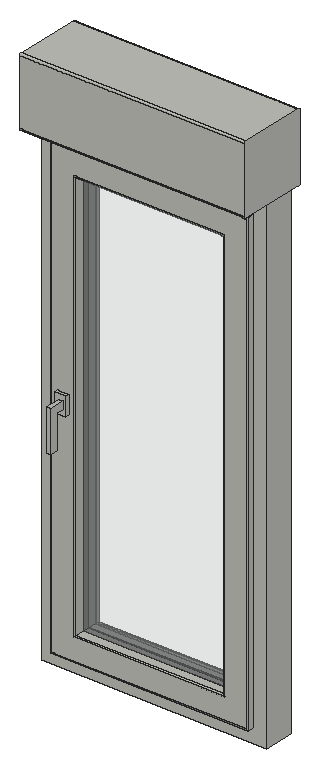
Revit family "2021_ES_Ventana_Replus_RE80-PVC-i30-10100_Cajon-Persiana", category Windows, host Wall, Revit 2021
Family settings
  Host = Wall
  OmniClass Number = 23.30.20.00
  OmniClass Title = Windows
  Always vertical = Yes
  Cut with Voids When Loaded = No
  Shared = No
  Room Calculation Point = No
Parameters (values of type "10100")
  Ι_Wll Thcknss [instance] = 200.000 mm
  Ι_Wdth Cntrl = if(Width < 429.000 mm, 429.000 mm, if(Width > 1514.000 mm, 1514.000 mm, Width))  # 600.000 mm
  Ι_Nst Cntrl [instance] = if(Retranqueo > Ι_Wll Thcknss - 80.000 mm, Ι_Wll Thcknss - 80.000 mm, if(Retranqueo = Ι_Wll Thcknss - 80.000 mm, Ι_Wll Thcknss - 80.000 mm, Retranqueo))  # 0.000 mm
  Ι_Hndl Hght Cntrl = if(Altura de Manilla < 200.000 mm, 200.000 mm, if(Altura de Manilla > Ι_Hght Cntrl - 200.000 mm, Ι_Hght Cntrl - 200.000 mm, Altura de Manilla))  # 650.000 mm
  Ι_Hght Cntrl = if(Height < 429.000 mm, 429.000 mm, if(Height > 2658.000 mm, 2658.000 mm, Height))  # 1300.000 mm
  Zona = ""
  Visibilidad Líneas Apertura - Planta = yes
  Visibilidad Líneas Apertura - Alzado = yes
  Vida Util Esperada = ""
  Version Estandar GDO-BIM = "GDO-BIM V02"  # constant formula
  Version = "RVT2021"  # constant formula
  Verano de transmitancia termica = 0
  Unidad Medicion = ""
  Unidad = ""
  Uniclass2015 Titulo = ""
  Uniclass2015 Codigo = ""
  URL de Declaracion de Prestaciones = ""
  URL Producto = "https://replus.es/bim/"
  URL Perfil BIM = "https://bimetica.com/es/objeto-bim-replus-ventana-re80-pvc-i30-1-hoja-oscilobatiente-cajon-persiana-11100.html"
  URL = "https://replus.es/"
  UNSPSC Titulo = "Windows"  # constant formula
  UNSPSC Codigo = "30171600"  # constant formula
  Transmitancia termica invierno = 0
  Transmitancia solar = 0
  Transmitancia de ganancia de calor solar = 0
  Transmision de luz visible = 0
  Titular = "Regicarp, S.L."  # constant formula
  Tipo Embalaje Proteccion = ""
  Tiene antepecho interno = no
  Tiene antepecho externo = no
  Tiempo Util De Vida = ""
  Tiempo Medio Entre Fallos = ""
  Telefono Contacto = "+34 966544310"  # constant formula
  Soporte tecnico BIM = "https://bimsupport.info/es/fabricantes/regicarp-replus-bim/"
  Sistema = ""
  Serie = ""
  Rough Width = Ι_Wdth Cntrl + 2 * Hueco  # 620.000 mm
  Rough Height = Ι_Hght Cntrl + 2 * Hueco  # 1320.000 mm
  Retranqueo [instance] = 0.000 mm
  Responsable Seguridad = ""
  Responsable Prescripcion = ""
  Responsable Compra = ""
  Residuos Peligrosos por Unidad = 0
  Residuos No Peligrosos por Unidad = 0
  Residuo Radioactivo por Unidad = 0
  Residuo Inerte por Unidad = 0
  Reflectancia solar = 0
  Reflectancia de luz visible = 0
  Referencia Unidad Funcional = ""
  Referencia Lote = ""
  Referencia Contacto Soporte Tecnico = ""
  Referencia Contacto Comercial Venta = ""
  Referencia = "RE 80/PVC/i30"
  Punto de Contacto = ""
  Proteccion con Malla = no
  Product Material = PVC - Replus - 9152 - White
  Plataforma descaga contenido BIM = "www.bimetica.com"
  Periodo Garantia = ""
  Partida URL = ""
  Pais de Venta = ""
  Omniclass Titulo = "Plastic Windows"  # constant formula
  Omniclass Codigo = "23-17 13 17"  # constant formula
  Numero de Licencia = "XXXXXXXX8182 / No-aportada por bimboject AB (anterior)"  # constant formula
  Numero de Declaracion de Prestaciones = ""
  Numero Serie = ""
  Numero Articulo Global Comercial = ""
  Numero Articulo = ""
  Nivel de Riesgo = ""
  Model = "10100 BOX"
  Material secondary = "Glass"
  Material main = "PVC"
  Material Envoltura = ""
  Material Contenedor = ""
  Material = PVC - Replus - 9152 - White
  Masterformat Titulo = "Plastic Windows"  # constant formula
  Masterformat Codigo = "08 53 00"  # constant formula
  Marcado CE = yes
  Manufacturer = "Replus"
  Mantenimiento = ""
  Lugar Ensamblaje = ""
  Keynote = "08500"
  Instrucciones Especiales = ""
  Informacion Tecnica = ""
  IfcExportType = "Oscilobatiente"
  IfcExportAs = "IfcWindow"  # constant formula
  Identificador Garantia = ""
  I_Lf_Cntrl = Ι_Wdth Cntrl - 2.000 mm * 36.8  # 526.400 mm
  Hueco = 10.000 mm
  Historial = "(RVT2021) Actualización GDO-BIM (RVT2015) Creacion de Elemento"  # constant formula
  Height = 1300.000 mm
  Gubimclass Titulo = "Ventanas de fachadas"  # constant formula
  Gubimclass Codigo = "30.10.20.10"  # constant formula
  Gas de Relleno = ""
  Garantia Extendida = no
  Fuente Datos LCA = ""
  Formacion Fotoquimica Ozono por Unidad = 0
  Fecha Vencimiento Elemento BIM = ""
  Fecha Suministro = ""
  Fecha Inicio Garantia = ""
  Fecha Fin Garantia = ""
  Fecha Evaluacion = ""
  Fecha Emision Elemento BIM = ""
  Fecha Compra = ""
  Fecha Colocacion = ""
  Fase Ciclo Vida = ""
  Falta de Recursos por Unidad = 0
  Exclusiones = ""
  Exceso Dimensiones = or(and(Height < 429.000 mm, Advertencia Dimensión), and(Width < 429.000 mm, Advertencia Dimensión), and(Width > 1514.000 mm, Advertencia Dimensión), and(Height > 2658.000 mm, Advertencia Dimensión))  # no
  Eutrofizacion por Unidad = 0
  Etiqueta Modelo = ""
  Estandar seguridad = ""
  Espesor de vidrio 3 = 0.000 mm
  Espesor de vidrio 2 = 0.000 mm
  Espesor de vidrio 1 = 0.000 mm
  Espacio libre acceso = 0.000 mm
  Espacio = ""
  Es templado = no
  Es recubierto = no
  Es laminado = no
  Es Exterior = yes
  Es Accesible = no
  Energia consumida = 0
  Energia Renovable Consumida por Unidad = 0
  Energia Primaria Total Consumida por Unidad = 0
  Energia No Renovable Consumida por Unidad = 0
  Email Contacto = "info@replus.es"  # constant formula
  Edition number = 1
  Destruccion Capa Ozono Estratosferica por Unidad = 0
  Description = "Perfiles de hoja oculta en PVC, mejorando sustancialmente el campo visual, con triple junta (mediante junta rigida en el marco) protegiendo de esta manera todos los puntos de cierre, aumentando la seguridad y proporcionando una junta perimetral completa, con perfilería de clasificación máxima S-II-A"
  Descripcion Evaluacion = ""
  Dependiente De = ""
  Default Sill Height = 800.000 mm
  Wall Closure = By host
  Width = 600.000 mm
  Declaracion Ambiental de Producto URL = ""
  Creditos LEED = ""
  Creditos BREEAM = ""
  Coste Mantenimiento = 0
  Contenido Garantia = ""
  Contacto = ""
  Condiciones de Venta = ""
  Condiciones Evaluacion = ""
  Color de vidrio = ""
  Coeficiente de sombreado = 0
  Codigo Barras = ""
  Codigo = ""
  Clasificacion de carga de viento = ""
  Capas de vidrio = 0
  Cambio Climatico por Unidad = 0
  COBie Categoria = "IfcWindow"
  Base Precio Producto 03 = ""
  Base Precio Producto 02 = ""
  Base Precio Producto 01 = ""
  Autor = "Bimetica Parametric Design Services S.L. (actual) / bimobject AB (anterior)"  # constant formula
  Assembly Code = "B2020100"
  Ano Produccion = ""
  Analytic Construction = "<None>"
  Altura minima requerida = 0.000 mm
  Altura de Manilla = 650.000 mm
  Agua Consumida por Unidad = 0
  Advertencia Dimensión = yes
  Acidificacion Atmosferica por Unidad = 0
  Acabado = ""
  Absorcion solar = 0
Reference planes
  plane 1 "Center (Front/Back)": y = 0
  plane 2 "Center (Left/Right)": x = 0
  plane 3 "Left": x = -310
  plane 4 "Right": x = 310
  plane 5 "Sill": z = 800
  plane 6 "Head": z = 2305
  plane 7 "Exterior": y = 100
  plane 8 "Interior": y = -100
  plane 9: x = -300
  plane 10: x = 300
  plane 11 "Inset": y = -20
  plane 12: z = 2110
  plane 13: z = 810
  plane 14: x = -263.2
  plane 15: x = 263.2
  plane 16: z = 2073.2
  plane 17: z = 846.8
  plane 18: z = 1994.002
  plane 19: z = 910.8
  plane 20: x = 197.2
  plane 21: z = 1460
  plane 22: x = 228.2
  plane 23: x = -228.2
  plane 24: x = 0
  plane 25: y = -55
  plane 26: y = -104.304
  plane 27: y = 500
  plane 28: y = -100
  plane 29: x = -199.2
  plane 30: x = 184.002
  plane 31: y = -38.5
  plane 32: y = -118.5
  plane 33 "g3": z = 900.8
  plane 34: y = -78.5
  plane 35: x = -208.128
  plane 36: y = -106.5
  plane 37: z = 894.8
  plane 38: z = 2025.2
  plane 39: y = -42.5
  plane 40: x = 199.2
  plane 41: y = -46.5
  plane 42: y = -64.5
  plane 43: y = -68.5
  plane 44: y = -86.5
  plane 45: y = -90.5
  plane 46: x = -215.2
  plane 47: x = 215.2
  plane 48: x = 220.2
  plane 49: x = -220.2
  plane 50: z = 2009.2
  plane 51: z = 2030.2
  plane 52: z = 889.8
  plane 53: y = 10
  plane 54: z = 2295
Forms (mm)
  Sweep 1, solid, material "PVC - Replus - 9152 - White" <- "Product Material", detail levels fine
    path origin (0, -20, 0) x (-1, 0, 0) y (0, 0, 1)
      loop
        line (300, 2110) -> (-300, 2110) -> (-300, 810) -> (300, 810) -> (300, 2110)
    profile origin (-300, -20, 1460) x (1, 0, 0) y (0, 1, 0)
      loop
        line (0, -80) -> (43.8, -80)
        arc (43.8, -80) -> (44.507, -79.707) -> (44.8, -79) r 1
        line (44.8, -79) -> (44.8, -38) -> (63.811, -38) -> (63.811, -18.5) -> (75.767, -18.5)
        arc (75.767, -18.5) -> (76.56, -18.109) -> (76.733, -17.241) r 1
        line (76.733, -17.241) -> (72.709, -2.224)
        arc (72.709, -2.224) -> (71.637, -0.62) -> (69.811, 0) r 3
        line (69.811, 0) -> (0, 0) -> (0, -80)
  Sweep 2, solid, material "PVC - Replus - 9152 - White" <- "Product Material", detail levels medium
    path origin (0, -20, 0) x (-1, 0, 0) y (0, 0, 1)
      loop
        line (300, 2110) -> (-300, 2110) -> (-300, 810) -> (300, 810) -> (300, 2110)
    profile origin (-300, -20, 1460) x (1, 0, 0) y (0, 1, 0)
      loop
        line (0, -80) -> (56.8, -80) -> (56.8, -42) -> (69.8, -42) -> (69.8, -18.5) -> (76.662, -18.5) -> (76.662, 0) -> (0, 0) -> (0, -80)
  Sweep 3, solid, material "PVC - Replus - 9152 - White" <- "Product Material", detail levels coarse
    path origin (0, -20, 0) x (-1, 0, 0) y (0, 0, 1)
      loop
        line (300, 2110) -> (-300, 2110) -> (-300, 810) -> (300, 810) -> (300, 2110)
    profile origin (-300, -20, 1460) x (1, 0, 0) y (0, 1, 0)
      loop
        line (0, -80) -> (56.8, -80) -> (56.8, -18.5) -> (76.662, -18.5) -> (76.662, 0) -> (0, 0) -> (0, -80)
  Sweep 4, solid, material "PVC - Replus - 9152 - White" <- "Product Material", detail levels fine
    path origin (0, -20, 0) x (-1, 0, 0) y (0, 0, 1)
      loop
        line (263.2, 2073.2) -> (-263.2, 2073.2) -> (-263.2, 846.8) -> (263.2, 846.8) -> (263.2, 2073.2)
    profile origin (-263.2, -20, 1460) x (1, 0, 0) y (0, 1, 0)
      loop
        line (33, -32.5) -> (33, -42) -> (27.5, -42) -> (20, -42) -> (20, -80) -> (7.5, -80) -> (0, -80) -> (0, -95.5)
        arc (0, -95.5) -> (0.879, -97.621) -> (3, -98.5) r 3
        line (3, -98.5) -> (61, -98.5)
        arc (61, -98.5) -> (63.121, -97.621) -> (64, -95.5) r 3
        line (64, -95.5) -> (64, -70.5) -> (43, -70.5) -> (43, -22.5) -> (40.495, -22.5) -> (33, -22.5) -> (33, -32.5)
  Sweep 5, solid, material "PVC - Replus - 9152 - White" <- "Product Material", detail levels medium
    path origin (0, -20, 0) x (-1, 0, 0) y (0, 0, 1)
      loop
        line (263.2, 2073.2) -> (-263.2, 2073.2) -> (-263.2, 846.8) -> (263.2, 846.8) -> (263.2, 2073.2)
    profile origin (-263.2, -20, 1460) x (1, 0, 0) y (0, 1, 0)
      loop
        line (20, -42) -> (20, -80) -> (0, -80) -> (0, -98.5) -> (64, -98.5) -> (64, -70.5) -> (43, -70.5) -> (43, -22.5) -> (33, -22.5) -> (33, -42) -> (20, -42)
  Sweep 6, solid, material "PVC - Replus - 9152 - White" <- "Product Material", detail levels coarse
    path origin (0, -20, 0) x (-1, 0, 0) y (0, 0, 1)
      loop
        line (263.2, 2073.2) -> (-263.2, 2073.2) -> (-263.2, 846.8) -> (263.2, 846.8) -> (263.2, 2073.2)
    profile origin (-263.2, -20, 1460) x (1, 0, 0) y (0, 1, 0)
      loop
        line (20, -75.1) -> (20, -80) -> (7.5, -80) -> (0, -80) -> (0, -98.5) -> (64, -98.5) -> (64, -18.5) -> (43, -18.5) -> (40.495, -18.5) -> (20, -18.5) -> (20, -75.1)
  Extrusion 7, solid, material "Glass - Replus", detail levels fine
    sketch origin (0, 0, 0) x (1, 0, 0) y (0, 1, 0)
      loop
        line (-215.2, -42.5) -> (-215.2, -46.5) -> (215.2, -46.5) -> (215.2, -42.5) -> (-215.2, -42.5)
      loop
        line (-215.2, -64.5) -> (-215.2, -68.5) -> (215.2, -68.5) -> (215.2, -64.5) -> (-215.2, -64.5)
      loop
        line (-215.2, -86.5) -> (-215.2, -90.5) -> (215.2, -90.5) -> (215.2, -86.5) -> (-215.2, -86.5)
    from 894.8 to 2025.2
  Extrusion 8, solid, material "Glass - Replus", detail levels medium
    sketch origin (0, 0, 0) x (1, 0, 0) y (0, 1, 0)
      loop
        line (-220.2, -42.5) -> (-220.2, -90.5) -> (220.2, -90.5) -> (220.2, -42.5) -> (-220.2, -42.5)
    from 889.8 to 2030.2
  Sweep 9, solid, material "Rubber - Replus - Black", detail levels fine
    path origin (0, -20, 0) x (-1, 0, 0) y (0, 0, 1)
      loop
        line (263.2, 2073.2) -> (-263.2, 2073.2) -> (-263.2, 846.8) -> (263.2, 846.8) -> (263.2, 2073.2)
    profile origin (-263.2, -20, 1460) x (1, 0, 0) y (0, 1, 0)
      loop
        line (54.013, -66.5) -> (60, -66.5) -> (60, -48.5) -> (54.013, -48.5) -> (54.013, -66.5)
      loop
        line (54, -44.5) -> (60, -44.5) -> (60, -26.5) -> (54, -26.5) -> (54, -44.5)
  Extrusion 10, solid, material "Glass - Replus", detail levels coarse
    sketch origin (0, 0, 0) x (1, 0, 0) y (0, 1, 0)
      loop
        line (-199.2, -38.5) -> (-199.2, -118.5) -> (199.2, -118.5) -> (199.2, -38.5) -> (-199.2, -38.5)
    from 910.8 to 2009.2
  Sweep 11, solid, material "Rubber - Replus - Black", detail levels medium+fine
    path origin (0, -20, 0) x (-1, 0, 0) y (0, 0, 1)
      loop
        line (263.2, 2073.2) -> (-263.2, 2073.2) -> (-263.2, 846.8) -> (263.2, 846.8) -> (263.2, 2073.2)
    profile origin (-263.2, -20, 1460) x (1, 0, 0) y (0, 1, 0)
      loop
        line (33, -18.5) -> (33, -22.5) -> (64, -22.5) -> (64, -18.5) -> (33, -18.5)
Lines and regions (mm)
  Opening 1
    outline origin (3500, -100, 0) x (1, 0, 0) y (0, 0, 1)
      loop
        line (-3190, 800) -> (-3190, 2305) -> (-3810, 2305) -> (-3810, 800) -> (-3190, 800)
  symbolic lines, style "Hidden Lines Black", visible <- "Visibilidad Líneas Apertura - Alzado"
    curve 1: line (0, -20, 1994.002) -> (-199.2, -20, 910.8)
    curve 2: line (0, -20, 1994.002) -> (184.002, -20, 910.8)
    curve 3: line (-199.2, -20, 1460) -> (184.002, -20, 1994.002)
    curve 4: line (-199.2, -20, 1460) -> (184.002, -20, 910.8)
  symbolic lines, detail levels coarse
    curve 5: line (-199.2, -78.5, 0) -> (199.2, -78.5, 0)
    curve 6: line (-310, -78.5, 2009.2) -> (-310, -78.5, 910.8)
  symbolic lines, visible <- "Visibilidad Líneas Apertura - Planta"
    curve 7: line (263.2, -118.5, 0) -> (263.2, -645.224, 0)
    curve 8: arc (-263.2, -118.5, 0) -> (-109.136, -490.93, 0) -> (263.2, -645.224, 0) r 526.4
  model lines, style "Hidden Lines Black", visible <- "Visibilidad Líneas Apertura - Alzado"
    curve 9: line (0, -57, 1994.002) -> (-199.2, -57, 910.8)
    curve 10: line (0, -57, 1994.002) -> (184.002, -57, 910.8)
    curve 11: line (-199.2, -57, 1460) -> (184.002, -57, 1994.002)
    curve 12: line (-199.2, -57, 1460) -> (184.002, -57, 910.8)
Text (mm)
  text "EXTERIOR" at (-1963.203, 1332.353, 0), in view "Ref. Level"
  text "INTERIOR" at (-1981.466, -818.386, 0), in view "Ref. Level"
  text "Exterior" at (0, 923.751, 2943.296), in view "Right"
  text "Exterior" at (0, 1040.484, 2685.409), in view "Left"
Dimensions and locks
  equal spacing: plane 3 "Left", plane 2 "Center (Left/Right)", plane 4 "Right"
  "Ι_Wdth Cntrl": plane 9 to plane 10
  "Ι_Hght Cntrl": plane 13 to plane 12
  "Default Sill Height": plane 5 "Sill" to level
  locked: plane 7 "Exterior" to host wall
  locked: plane 8 "Interior" to host wall
  "Hueco": plane 3 "Left" to plane 9
  "Hueco": plane 10 to plane 4 "Right"
  "Hueco": plane 13 to plane 5 "Sill"
  locked: plane 9 to plane 14 at 36.8
  locked: plane 15 to plane 10 at 36.8
  locked: plane 12 to plane 16 at 36.8
  locked: plane 17 to plane 13 at 36.8
  locked: plane 12 to plane 18 at 115.998
  locked: plane 20 to plane 10 at 102.8
  locked: plane 22 to plane 15 at 35
  locked: plane 14 to plane 23 at 35
  equal spacing: plane 10, plane 24, plane 9
  "Ι_Wll Thcknss": host wall to host wall
  plane 26 to plane 25 to plane 11 "Inset" = 49.304 mm locked, 35.000 mm locked
  locked: plane 27 to plane 7 "Exterior" at 400
  "Ι_Hndl Hght Cntrl": plane 21 to plane 13
  "Ι_Nst Cntrl": plane 8 "Interior" to plane 28
  locked: plane 30 to plane 20 at 13.198
  plane 11 "Inset" to plane 31 to plane 32 = 18.500 mm locked, 80.000 mm locked
  equal spacing: plane 32, plane 34, plane 31
  locked: plane 36 to plane 26 at 2.196
  locked: plane 33 "g3" to plane 37 at 6
  locked: plane 20 to plane 40 at 2
  plane 11 "Inset" to plane 39 to plane 41 to plane 42 to plane 43 to plane 44 to plane 45 = 22.500 mm locked, 4.000 mm locked, 18.000 mm locked, 4.000 mm locked, 18.000 mm locked, 4.000 mm locked
  locked: plane 23 to plane 46 at 13
  locked: plane 46 to plane 29 at 16
  locked: plane 47 to plane 22 at 13
  locked: plane 47 to plane 48 at 5
  locked: plane 49 to plane 46 at 5
  locked: plane 12 to plane 38 at 84.8
  locked: plane 37 to plane 13 at 84.8
  locked: plane 19 to plane 13 at 100.8
  locked: plane 50 to plane 18 at 15.198
  locked: plane 51 to plane 38 at 5
  locked: plane 37 to plane 52 at 5
  locked: plane 53 to plane 11 "Inset" at 30
  locked: plane 54 to plane 12 at 185
  "Hueco": plane 6 "Head" to plane 54
  "I_Lf_Cntrl": radius of curve 8
  aligned and locked: plane 9 to Sweep 1 sketch curve
  aligned and locked: Sweep 1 sketch curve to plane 12
  aligned and locked: plane 10 to Sweep 1 sketch curve
  aligned and locked: plane 13 to Sweep 1 sketch curve
  aligned and locked: Sweep 2 sketch curve to plane 12
  aligned and locked: plane 9 to Sweep 2 sketch curve
  aligned and locked: plane 10 to Sweep 2 sketch curve
  aligned and locked: plane 13 to Sweep 2 sketch curve
  aligned and locked: plane 9 to Sweep 3 sketch curve
  aligned and locked: Sweep 3 sketch curve to plane 12
  aligned and locked: plane 10 to Sweep 3 sketch curve
  aligned and locked: plane 13 to Sweep 3 sketch curve
  aligned and locked: Sweep 4 sketch curve to plane 14
  aligned and locked: Sweep 4 sketch curve to plane 15
  aligned and locked: Sweep 4 sketch curve to plane 16
  aligned and locked: plane 17 to Sweep 4 sketch curve
  aligned and locked: Sweep 5 sketch curve to plane 16
  aligned and locked: Sweep 5 sketch curve to plane 14
  aligned and locked: Sweep 5 sketch curve to plane 15
  aligned and locked: plane 17 to Sweep 5 sketch curve
  aligned and locked: Sweep 6 sketch curve to plane 16
  aligned and locked: Sweep 6 sketch curve to plane 14
  aligned and locked: Sweep 6 sketch curve to plane 15
  aligned and locked: plane 17 to Sweep 6 sketch curve
  aligned and locked: plane 21 to curve 4
  aligned and locked: Sweep 9 sketch curve to plane 16
  aligned and locked: Sweep 9 sketch curve to plane 14
  aligned and locked: Sweep 9 sketch curve to plane 15
  aligned and locked: nested 2 to plane 27
  aligned and locked: plane 24 to nested 2
  aligned and locked: plane 34 to curve 5  (x2)
  aligned and locked: plane 34 to curve 6  (x2)
  aligned and locked: plane 19 to curve 6
  aligned and locked: plane 37 to Extrusion 7
  aligned and locked: Extrusion 7 to plane 38
  aligned and locked: plane 32 to curve 8
  aligned and locked: curve 7 to plane 15
  aligned and locked: plane 24 to curve 10
  aligned and locked: plane 18 to curve 9
  aligned and locked: plane 19 to curve 10
  aligned and locked: plane 30 to curve 10
  aligned and locked: plane 29 to curve 11
  aligned and locked: plane 18 to curve 11
  aligned and locked: plane 14 to curve 8
  aligned and locked: nested 1 to plane 23
  aligned and locked: nested 1 to plane 21
  aligned and locked: Extrusion 10 sketch curve to plane 40
  aligned and locked: Extrusion 10 sketch curve to plane 32
  aligned and locked: plane 40 to curve 5
  aligned and locked: Extrusion 7 sketch curve to plane 46  (x3)
  aligned and locked: plane 39 to Extrusion 7 sketch curve
  aligned and locked: Extrusion 7 sketch curve to plane 41
  aligned and locked: plane 42 to Extrusion 7 sketch curve
  aligned and locked: Extrusion 7 sketch curve to plane 43
  aligned and locked: plane 44 to Extrusion 7 sketch curve
  aligned and locked: Extrusion 7 sketch curve to plane 45
  aligned and locked: Extrusion 7 sketch curve to plane 47  (x3)
  aligned and locked: Extrusion 8 sketch curve to plane 45
  aligned and locked: Extrusion 8 sketch curve to plane 49
  aligned and locked: Extrusion 8 sketch curve to plane 48
  aligned and locked: plane 17 to Sweep 9 sketch curve
  aligned and locked: Sweep 11 sketch curve to plane 16
  aligned and locked: Sweep 11 sketch curve to plane 14
  aligned and locked: Sweep 11 sketch curve to plane 15
  aligned and locked: plane 17 to Sweep 11 sketch curve
  aligned and locked: plane 39 to Extrusion 8 sketch curve
  aligned and locked: Extrusion 10 sketch curve to plane 29
  aligned and locked: plane 29 to curve 5
  aligned and locked: plane 31 to Extrusion 10 sketch curve
  aligned and locked: Extrusion 10 to plane 19
  aligned and locked: plane 50 to Extrusion 10
  aligned and locked: plane 50 to curve 6
  aligned and locked: Extrusion 8 to plane 51
  aligned and locked: plane 52 to Extrusion 8
  aligned and locked: plane 24 to nested 3
  aligned and locked: plane 53 to nested 3
  aligned and locked: nested 3 to plane 12
Automatic sketch dimensions
  Opening 1 sketch curve to plane 3 "Left" = 0.000 mm
  Opening 1 sketch curve to plane 4 "Right" = 0.000 mm
  Opening 1 sketch curve to plane 5 "Sill" = 0.000 mm
  Opening 1 sketch curve to plane 6 "Head" = 0.000 mm
  Sweep 3 sketch curve to profile plane = 0.000 mm
  Sweep 3 sketch curve to profile plane = 56.800 mm
  Sweep 3 sketch curve to plane 11 "Inset" = 18.500 mm
  Sweep 3 sketch curve to Sweep 3 sketch curve = 19.862 mm
  Sweep 3 sketch curve to plane 11 "Inset" = 80.000 mm
  plane 11 "Inset" to Sweep 3 sketch curve = 0.000 mm
  Sweep 1 sketch curve to profile plane = 0.000 mm
  Sweep 1 sketch curve to plane 11 "Inset" = 0.000 mm
  Sweep 1 sketch curve to profile plane = 43.800 mm
  Sweep 1 sketch curve to Sweep 1 sketch curve = 1.000 mm
  Sweep 1 sketch curve to plane 11 "Inset" = 2.224 mm
  Sweep 1 sketch curve to Sweep 1 sketch curve = 2.898 mm
  Sweep 1 sketch curve to Sweep 1 sketch curve = 11.956 mm
  Sweep 1 sketch curve to plane 11 "Inset" = 17.241 mm
  Sweep 1 sketch curve to Sweep 1 sketch curve = 0.966 mm
  Sweep 1 sketch curve to Sweep 1 sketch curve = 41.000 mm
  profile plane to Sweep 2 sketch curve = 0.000 mm
  Sweep 2 sketch curve to plane 11 "Inset" = 0.000 mm
  Sweep 2 sketch curve to Sweep 2 sketch curve = 56.800 mm
  Sweep 2 sketch curve to Sweep 2 sketch curve = 18.500 mm
  Sweep 2 sketch curve to Sweep 2 sketch curve = 38.000 mm
  Sweep 1 sketch curve to Sweep 1 sketch curve = 5.956 mm
  Sweep 1 sketch curve to Sweep 1 sketch curve = 1.259 mm
  Sweep 1 sketch curve to Sweep 1 sketch curve = 19.011 mm
  Sweep 1 sketch curve to Sweep 1 sketch curve = 19.500 mm
  Sweep 2 sketch curve to Sweep 2 sketch curve = 13.000 mm
  Sweep 2 sketch curve to Sweep 2 sketch curve = 6.862 mm
  Sweep 2 sketch curve to Sweep 2 sketch curve = 23.500 mm
  Sweep 9 sketch curve to profile plane = 54.000 mm
  Sweep 9 sketch curve to Sweep 9 sketch curve = 0.013 mm
  Sweep 9 sketch curve to Sweep 9 sketch curve = 6.000 mm
  Sweep 9 sketch curve to Sweep 9 sketch curve = 0.000 mm
  Sweep 9 sketch curve to plane 11 "Inset" = 66.500 mm
  Sweep 9 sketch curve to Sweep 9 sketch curve = 18.000 mm  (x2)
  Sweep 9 sketch curve to Sweep 9 sketch curve = 4.000 mm
  plane 32 to curve 7 = 0.000 mm
  curve 8 to plane 15 = 0.000 mm
  curve 4 to plane 19 = 0.000 mm
  curve 4 to plane 30 = 0.000 mm
  plane 2 "Center (Left/Right)" to curve 2 = 0.000 mm
  curve 1 to plane 19 = 0.000 mm
  plane 29 to curve 1 = 0.000 mm
  plane 29 to curve 4 = 0.000 mm
  curve 2 to plane 18 = 0.000 mm
  curve 3 to plane 18 = 0.000 mm
  curve 11 to plane 30 = 0.000 mm
  curve 11 to plane 21 = 0.000 mm
  curve 3 to plane 30 = 0.000 mm
  Sweep 5 sketch curve to profile plane = 0.000 mm
  Sweep 5 sketch curve to profile plane = 20.000 mm
  Sweep 5 sketch curve to Sweep 5 sketch curve = 13.000 mm
  Sweep 5 sketch curve to Sweep 5 sketch curve = 23.000 mm
  Sweep 5 sketch curve to Sweep 5 sketch curve = 21.000 mm
  Sweep 5 sketch curve to plane 11 "Inset" = 98.500 mm
  Sweep 5 sketch curve to Sweep 5 sketch curve = 18.500 mm
  Sweep 5 sketch curve to Sweep 5 sketch curve = 28.000 mm
  Sweep 5 sketch curve to plane 11 "Inset" = 42.000 mm
  Sweep 5 sketch curve to Sweep 5 sketch curve = 19.500 mm
  Sweep 6 sketch curve to profile plane = 0.000 mm
  Sweep 6 sketch curve to Sweep 6 sketch curve = 7.500 mm
  Sweep 6 sketch curve to Sweep 6 sketch curve = 12.500 mm
  Sweep 6 sketch curve to Sweep 6 sketch curve = 20.495 mm
  Sweep 6 sketch curve to Sweep 6 sketch curve = 2.505 mm
  Sweep 6 sketch curve to Sweep 6 sketch curve = 21.000 mm
  Sweep 6 sketch curve to plane 11 "Inset" = 98.500 mm
  Sweep 6 sketch curve to Sweep 6 sketch curve = 18.500 mm
  Sweep 6 sketch curve to Sweep 6 sketch curve = 4.900 mm
  Sweep 6 sketch curve to plane 11 "Inset" = 18.500 mm
  curve 9 to plane 19 = 0.000 mm
  plane 29 to curve 9 = 0.000 mm
  Sweep 4 sketch curve to profile plane = 0.000 mm
  Sweep 4 sketch curve to profile plane = 3.000 mm
  Sweep 4 sketch curve to Sweep 4 sketch curve = 7.500 mm  (x2)
  Sweep 4 sketch curve to Sweep 4 sketch curve = 12.500 mm
  Sweep 4 sketch curve to Sweep 4 sketch curve = 5.500 mm
  Sweep 4 sketch curve to Sweep 4 sketch curve = 7.495 mm
  Sweep 4 sketch curve to Sweep 4 sketch curve = 23.000 mm
  Sweep 4 sketch curve to Sweep 4 sketch curve = 18.000 mm
  Sweep 4 sketch curve to Sweep 4 sketch curve = 21.000 mm
  Sweep 4 sketch curve to plane 11 "Inset" = 98.500 mm
  Sweep 4 sketch curve to Sweep 4 sketch curve = 15.500 mm
  Sweep 4 sketch curve to Sweep 4 sketch curve = 25.000 mm
  Sweep 4 sketch curve to Sweep 4 sketch curve = 28.500 mm
  Sweep 4 sketch curve to Sweep 4 sketch curve = 19.500 mm
  Sweep 4 sketch curve to Sweep 4 sketch curve = 9.500 mm
  Sweep 11 sketch curve to plane 11 "Inset" = 22.500 mm
  Sweep 11 sketch curve to profile plane = 64.000 mm
  Sweep 11 sketch curve to Sweep 11 sketch curve = 4.000 mm
  Sweep 11 sketch curve to Sweep 11 sketch curve = 31.000 mm
Nested families
  nested 1: "Handle" at (-228.2, -118.5, 1460) x (1, 0, 0) z (0, -1, 0), type "Handle", detail levels medium+fine
  nested 2: "Dimensions Overconstraint Warning" at (0, 500, 0), visible <- "Exceso Dimensiones", type "Dimensions Overconstraint Warning"
  nested 3: "Shutter Box - Replus" at (0, -82.5, 2110), type "Shutter Box - Replus"
    with Width 600.000 mm
Definition of nested family "Handle"
  Parameters (values of type "Handle")
    Material = none
    Default Elevation = 1219.200 mm
  Reference planes
    plane 1 "Centre (avant/arrière)": y = 0
    plane 2: z = 0
    plane 3 "Centre (gauche/droite)": x = 0
    plane 4: z = 40
    plane 5: y = -100
    plane 6 "Plaque": z = 10
    plane 7: x = -6
  Forms (mm)
    Extrusion 1, solid
      sketch origin (0, 0, 0) x (1, 0, 0) y (0, 1, 0)
        loop
          line (-1219.2, 1219.2) -> (-1219.2, -1219.2) -> (1219.2, -1219.2) -> (1219.2, 1219.2) -> (-1219.2, 1219.2)
      from 0 to -304.8
    Extrusion 2, solid, material <- "Material"
      sketch origin (0, 0, 0) x (1, 0, 0) y (0, 1, 0)
        loop
          line (-14.231, 24.783) -> (-14.231, -24.783) -> (14.231, -24.783) -> (14.231, 24.783) -> (-14.231, 24.783)
      from 0 to 10
    Sweep 3, solid, material <- "Material"
      path origin (0, 0, 0) x (0, 1, 0) y (0, 0, 1)
        loop
          line (0, 10) -> (0, 40) -> (-100, 40)
      profile origin (0, 0, 25) x (0, -1, 0) y (1, 0, 0)
        loop
          line (10, -6) -> (10, 6) -> (-10, 6) -> (-10, -6) -> (10, -6)
  Dimensions and locks
    plane 4 to plane 2 = 40.000 mm
    plane 5 to plane 1 "Centre (avant/arrière)" = 100.000 mm
    equal spacing: Extrusion 2 sketch curve, plane 3 "Centre (gauche/droite)", Extrusion 2 sketch curve
    equal spacing: Extrusion 2 sketch curve, plane 1 "Centre (avant/arrière)", Extrusion 2 sketch curve
    Extrusion 2 sketch curve to Extrusion 2 sketch curve = 28.462 mm
    Extrusion 2 sketch curve to Extrusion 2 sketch curve = 49.566 mm
    locked: plane 7 to plane 3 "Centre (gauche/droite)" at 6
    aligned and locked: plane 2 to Extrusion 1
    aligned and locked: level to Extrusion 1
    aligned and locked: plane 6 "Plaque" to Extrusion 2
    aligned and locked: plane 6 "Plaque" to Sweep 3 sketch curve
    aligned and locked: plane 5 to Sweep 3 sketch curve
    aligned and locked: Sweep 3 sketch curve to plane 4
    aligned and locked: Sweep 3 sketch curve to plane 1 "Centre (avant/arrière)"
Definition of nested family "Shutter Box - Replus"
  Parameters (values of type "Shutter Box - Replus")
    Width = 2719.375 mm
    Shutter Box Material = none
    Default Elevation = 0.000 mm
  Reference planes
    plane 1 "Center (Front/Back)": y = 0
    plane 2: z = 0
    plane 3 "Center (Left/Right)": x = 0
    plane 4: x = -1359.687
    plane 5: x = 1359.687
  Forms (mm)
    Sweep 1, solid, material <- "Shutter Box Material", detail levels fine
      path origin (0, 0, 0) x (1, 0, 0) y (0, 1, 0)
        loop
          line (-1359.687, 0) -> (1359.687, 0)
      profile origin (0, 0, 0) x (0, 1, 0) y (0, 0, 1)
        loop
          line (0, 0) -> (87.5, 0)
          arc (87.5, 0) -> (91.036, 1.464) -> (92.5, 5) r 5
          line (92.5, 5) -> (92.5, 180)
          arc (92.5, 180) -> (91.036, 183.536) -> (87.5, 185) r 5
          line (87.5, 185) -> (-87.5, 185)
          arc (-87.5, 185) -> (-91.036, 183.536) -> (-92.5, 180) r 5
          line (-92.5, 180) -> (-92.5, 5)
          arc (-92.5, 5) -> (-91.036, 1.464) -> (-87.5, 0) r 5
          line (-87.5, 0) -> (0, 0)
    Sweep 2, solid, material <- "Shutter Box Material", detail levels coarse+medium
      path origin (0, 0, 0) x (1, 0, 0) y (0, 1, 0)
        loop
          line (-1359.687, 0) -> (1359.687, 0)
      profile origin (0, 0, 0) x (0, 1, 0) y (0, 0, 1)
        loop
          line (92.5, 0) -> (92.5, 185) -> (-92.5, 185) -> (-92.5, 0) -> (92.5, 0)
  Dimensions and locks
    equal spacing: plane 4, plane 3 "Center (Left/Right)", plane 5
    "Width": plane 4 to plane 5
    aligned and locked: level to plane 2
    aligned and locked: plane 1 "Center (Front/Back)" to Sweep 1 sketch curve  (x2)
    aligned and locked: plane 4 to Sweep 1 sketch curve
    aligned and locked: plane 5 to Sweep 1 sketch curve
    aligned and locked: plane 1 "Center (Front/Back)" to Sweep 2 sketch curve  (x2)
    aligned and locked: plane 4 to Sweep 2 sketch curve
    aligned and locked: plane 5 to Sweep 2 sketch curve
  Automatic sketch dimensions
    Sweep 1 sketch curve to level = 0.000 mm
    Sweep 1 sketch curve to profile plane = 0.000 mm
    profile plane to Sweep 1 sketch curve = 87.500 mm  (x2)
    Sweep 1 sketch curve to Sweep 1 sketch curve = 5.000 mm
    Sweep 1 sketch curve to profile plane = 87.500 mm  (x2)
    level to Sweep 1 sketch curve = 5.000 mm
    Sweep 1 sketch curve to Sweep 1 sketch curve = 175.000 mm
    profile plane to Sweep 2 sketch curve = 92.500 mm
    Sweep 2 sketch curve to profile plane = 92.500 mm
    level to Sweep 2 sketch curve = 0.000 mm
    Sweep 2 sketch curve to Sweep 2 sketch curve = 185.000 mm
Definition of nested family "Dimensions Overconstraint Warning"
  Parameters (values of type "Dimensions Overconstraint Warning")
    Warning = "!"
    W warning = "300<Height<2250"
    Turn off notification = "For other dimensions, please contact K.Line/ Turn off notification"
    Text = "DIMENSIONS OVERCONSTRAINT"
    H warning = "300 mm<Width<1000 mm"
  Reference planes
    plane 1: y = 0
    plane 2: x = 0
  Lines and regions (mm)
    Filled region 1, type "Filled region 1"
      outline origin (0, 0, 0) x (1, 0, 0) y (0, 1, 0)
        loop
          line (0, 4.243) -> (-4.243, 0) -> (0, -4.243) -> (4.243, 0) -> (0, 4.243)
  Text (mm)
    label "!" at (-0.078, 0.428, 0), shows "Warning"
    label "DIMENSION OVERCONSTRAINT" at (1.291, -15.948, 0), shows "Text"
